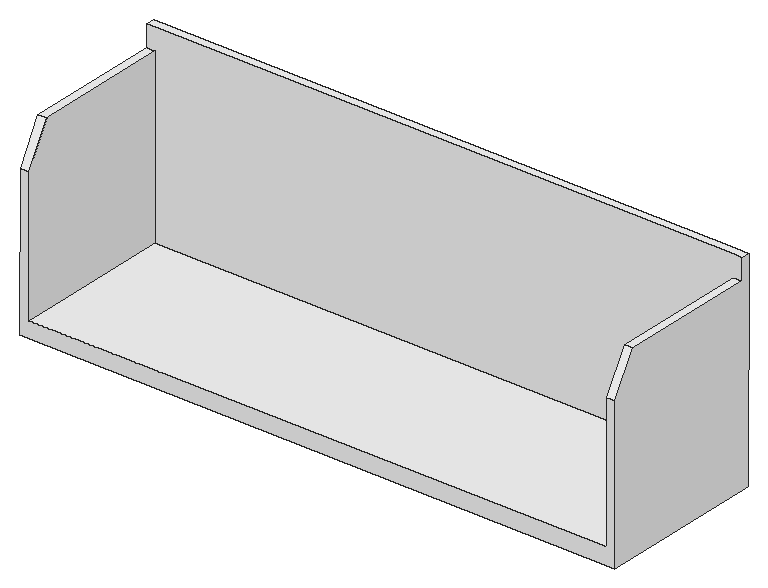
Revit family "Specialty_Equipment-Metal_Raceway-Hubbell_Wiring-Blank_End_Fitting-HBL4710B", category Specialty Equipment, host Face, Revit 2015
Parameters
  URL = "http://www.hubbell-wiring.com/"
  Product data url = "https://bimobject.com/hubbellwiring/product/hubbell-metal-raceway-hbl4750"
  Product Page URL = "http://ecatalog.hubbell-wiring.com/ProductInformation/ViewCatalog.aspx?Dest=hubbell-wiring.com/press/catalog/o.pdf&Page=21"
  Product Documentation Link = "http://www.hubbell-wiring.com/press/pdfs/h5233r08.pdf"
  Model = "HBL4710BIV"
  Manufacturer = "Hubbell-Wiring"  # constant formula
  Host Note = "Add in Section View; Host to Wall"  # constant formula
  Description = "Blank End Fitting"  # constant formula
  Default Elevation = 0' - 0"
  Cable Tray Material = Metal-Hubbell-Ivory Powder Coat
  Assembly Code = "D5090900"
Types (3): name | Model | Cable Tray Material
  (no name) | "HBL4710BIV" | Metal-Hubbell-Ivory Powder Coat
  HBL4710BGY - Gray | "HBL4710BGY" | Metal-Hubbell-Gray Powder Coat
  HBL4710BIV - Ivory | "HBL4710BIV" | Metal-Hubbell-Ivory Powder Coat
Reference planes (in)
  plane 1 "Outside": y = 0
  plane 2 "Wall": z = 0
  plane 3 "Left": x = 0.08
  plane 4 "Top of Channel": z = 1.61464
  plane 5 "Right": x = 4.67
  plane 6 "Center": x = 2.375
  plane 7: x = 1.1875
  plane 8: x = 3.5625
  plane 9 "Edge of Top": y = -0.0625
  plane 10: x = 0.1425
  plane 11: x = 4.6075
  plane 12 "Edge Of Base": y = -1.34715
  plane 13: z = 0.125
  plane 14: z = 0.90038
  plane 15: z = 1.40038
  plane 16: x = 3.5625
  plane 17: x = 1.1875
  plane 18: z = 1.44937
  plane 19: z = 1.6208
Forms (in)
  Extrusion 1, solid, material "Metal-Hubbell-Ivory Powder Coat" <- "Cable Tray Material"
    sketch origin (0, 0, -0.0625) x (1, 0, 0) y (0, 0, 1)
      loop
        arc (0.6875, 0.96288) -> (0.83395, 0.60932) -> (1.1875, 0.46288) r 0.5
        arc (1.1875, 0.46288) -> (1.54105, 0.60932) -> (1.6875, 0.96288) r 0.5
        arc (1.6875, 0.96288) -> (1.54105, 1.31643) -> (1.1875, 1.46288) r 0.5
        arc (1.1875, 1.46288) -> (0.83395, 1.31643) -> (0.6875, 0.96288) r 0.5
    from 0 to 0.0625
  Extrusion 2, solid, material "Metal-Hubbell-Ivory Powder Coat" <- "Cable Tray Material"
    sketch origin (0.08, 0, 0) x (0, 1, 0) y (0, 0, 1)
      loop
        line (-0.0625, 1.61464) -> (-0.12549, 1.61464) -> (-0.12549, 0) -> (-0.0625, 0) -> (-0.0625, 1.61464)
    from 0 to 4.59
  Extrusion 3, solid, material "Metal-Hubbell-Ivory Powder Coat" <- "Cable Tray Material"
    sketch origin (0.08, 0, 0) x (0, 1, 0) y (0, 0, 1)
      loop
        line (-0.12549, 1.44937) -> (-1.17415, 1.44937) -> (-1.34715, 1.14973) -> (-1.34715, 0) -> (-0.0625, 0) -> (-0.0625, 1.6208) -> (-0.12549, 1.6208) -> (-0.12549, 1.44937)
    from 0 to 0.0625
  Extrusion 4, solid, material "Metal-Hubbell-Ivory Powder Coat" <- "Cable Tray Material"
    sketch origin (0, 0, 0) x (1, 0, 0) y (0, 1, 0)
      loop
        line (0.1425, -0.12549) -> (0.1425, -1.34715) -> (4.6075, -1.34715) -> (4.6075, -0.12549) -> (0.1425, -0.12549)
    from 0 to 0.125
  Extrusion 5, solid, material "Metal-Hubbell-Ivory Powder Coat" <- "Cable Tray Material"
    sketch origin (4.75, 0, -0.0625) x (-1, 0, 0) y (0, 0, -1)
      loop
        arc (1.1875, -1.46288) -> (1.54105, -1.31643) -> (1.6875, -0.96288) r 0.5
        arc (1.6875, -0.96288) -> (1.54105, -0.60932) -> (1.1875, -0.46288) r 0.5
        arc (1.1875, -0.46288) -> (0.83395, -0.60932) -> (0.6875, -0.96288) r 0.5
        arc (0.6875, -0.96288) -> (0.83395, -1.31643) -> (1.1875, -1.46288) r 0.5
    from 0 to 0.0625
  Extrusion 6, solid, material "Metal-Hubbell-Ivory Powder Coat" <- "Cable Tray Material"
    sketch origin (4.67, 0, 0.00781) x (0, 1, 0) y (0, 0, -1)
      loop
        line (-0.12549, -1.44156) -> (-0.12549, -1.61298) -> (-0.0625, -1.61298) -> (-0.0625, 0.00781) -> (-1.34715, 0.00781) -> (-1.34715, -1.14973) -> (-1.17415, -1.44156) -> (-0.12549, -1.44156)
    from 0 to 0.0625
Cuts and joins
  joined: Extrusion 1, Extrusion 2, Extrusion 3, Extrusion 4, Extrusion 5, Extrusion 6
Lines and regions (in)
  Masking region 1
    outline origin (0.08, 0, 0) x (0, 1, 0) y (0, 0, 1)
      loop
        line (-1.17415, 1.44937) -> (-1.34715, 1.14973) -> (-1.34715, 0) -> (-0.0625, 0) -> (-0.0625, 0.40038) -> (0, 0.40038) -> (0, 1.40038) -> (-0.0625, 1.40038) -> (-0.0625, 1.61464) -> (-0.12549, 1.61464) -> (-0.12549, 1.44937) -> (-1.17415, 1.44937)
Dimensions and locks (in)
  plane 5 "Right" to plane 3 "Left" = 0' - 4.59"
  plane 4 "Top of Channel" to host face = 0' - 1.61464"
  locked: plane 9 "Edge of Top" to plane 1 "Outside" at 0.0625
  plane 3 "Left" to plane 10 = 0' - 0 1/16"
  equal spacing: plane 3 "Left", plane 6 "Center", plane 5 "Right", locked at 2.295 each
  plane 3 "Left" to plane 6 "Center" to plane 5 "Right" = 0' - 2.295" locked, 0' - 2.295" locked
  plane 4 "Top of Channel" to plane 13 to plane 2 "Wall" = 0' - 1.48964", 0' - 0 1/8"
  locked: plane 14 to plane 13 at 0.77538
  locked: plane 7 to plane 3 "Left" at 1.1075
  locked: plane 16 to plane 5 "Right" at 1.1075
  plane 12 "Edge Of Base" to plane 9 "Edge of Top" to plane 1 "Outside" = 0' - 1.28465" locked, 0' - 0 1/16" locked
  locked: plane 10 to plane 6 "Center" at 2.2325
  locked: plane 6 "Center" to plane 11 at 2.2325
  locked: cut or joined group of Extrusion 1, Extrusion 2, Extrusion 3, Extrusion 4, Extrusion 5, Extrusion 6 to host face at 1.44937  (x3)
  locked: plane 1 "Outside" to cut or joined group of Extrusion 1, Extrusion 2, Extrusion 3, Extrusion 4, Extrusion 5, Extrusion 6 at 0.12549
  locked: plane 15 to plane 18 at 0.04899
  locked: plane 4 "Top of Channel" to plane 19 at 0.00615
  aligned and locked: plane 2 "Wall" to host face
  aligned and locked: level to host face
  aligned and locked: Extrusion 1 to plane 1 "Outside"
  aligned and locked: Extrusion 1 to plane 9 "Edge of Top"
  aligned and locked: plane 5 "Right" to Extrusion 2
  aligned and locked: Extrusion 3 to plane 3 "Left"
  aligned and locked: plane 10 to Extrusion 3
  aligned and locked: plane 9 "Edge of Top" to Extrusion 3
  aligned and locked: Extrusion 3 to plane 12 "Edge Of Base"
  aligned and locked: Extrusion 3 to Extrusion 4 sketch curve  (x2)
  aligned and locked: Extrusion 4 to plane 2 "Wall"
  aligned and locked: plane 13 to Extrusion 4
  aligned and locked: plane 14 to Extrusion 1 sketch curve
  aligned and locked: plane 15 to Extrusion 1 sketch curve
  aligned and locked: plane 16 to Extrusion 5 sketch curve
  aligned and locked: plane 14 to Extrusion 5 sketch curve
  aligned and locked: plane 9 "Edge of Top" to cut or joined group of Extrusion 1, Extrusion 2, Extrusion 3, Extrusion 4, Extrusion 5, Extrusion 6
  aligned and locked: Extrusion 2 to level
  aligned and locked: Extrusion 2 to plane 4 "Top of Channel"
  aligned and locked: Extrusion 2 to plane 3 "Left"
  aligned and locked: cut or joined group of Extrusion 1, Extrusion 2, Extrusion 3, Extrusion 4, Extrusion 5, Extrusion 6 to plane 4 "Top of Channel"
  aligned and locked: host face to cut or joined group of Extrusion 1, Extrusion 2, Extrusion 3, Extrusion 4, Extrusion 5, Extrusion 6
  aligned and locked: plane 9 "Edge of Top" to Extrusion 6
  aligned and locked: Extrusion 6 to host face
  aligned and locked: cut or joined group of Extrusion 1, Extrusion 2, Extrusion 3, Extrusion 4, Extrusion 5, Extrusion 6 to host face
  aligned and locked: cut or joined group of Extrusion 1, Extrusion 2, Extrusion 3, Extrusion 4, Extrusion 5, Extrusion 6 to plane 18
  aligned and locked: plane 18 to Extrusion 6 sketch curve
  aligned and locked: plane 19 to Extrusion 6
  aligned and locked: Masking region 1 sketch curve to cut or joined group of Extrusion 1, Extrusion 2, Extrusion 3, Extrusion 4, Extrusion 5, Extrusion 6  (x8)
  aligned and locked: plane 15 to Masking region 1 sketch curve
  aligned and locked: Masking region 1 sketch curve to Masking region 1 sketch curve
Automatic sketch dimensions
  host sketch curve to host sketch curve = 9' - 0.90308"
  host sketch curve to host sketch curve = 8' - 0"
  Extrusion 1 sketch curve to Extrusion 1 sketch curve = 0' - 0"  (x7)
  Extrusion 1 sketch curve to plane 7 = 0' - 0"
  plane 4 "Top of Channel" to Extrusion 2 sketch curve = 0' - 0"
  Extrusion 2 sketch curve to level = 0' - 0"
  Extrusion 2 sketch curve to plane 9 "Edge of Top" = 0' - 0"
  Extrusion 2 sketch curve to plane 9 "Edge of Top" = 0' - 0.06299"
  level to Extrusion 3 sketch curve = 0' - 0"
  Extrusion 3 sketch curve to plane 12 "Edge Of Base" = 0' - 0"
  Extrusion 3 sketch curve to plane 9 "Edge of Top" = 0' - 0"
  Extrusion 3 sketch curve to plane 15 = 0' - 0.04899"
  plane 12 "Edge Of Base" to Extrusion 3 sketch curve = 0' - 0.173"
  Extrusion 3 sketch curve to plane 9 "Edge of Top" = 0' - 0.06299"
  plane 14 to Extrusion 3 sketch curve = 0' - 0.24935"
  Extrusion 3 sketch curve to plane 4 "Top of Channel" = 0' - 0.00615"
  Extrusion 4 sketch curve to plane 11 = 0' - 0"
  Extrusion 4 sketch curve to plane 12 "Edge Of Base" = 0' - 0"
  Extrusion 5 sketch curve to Extrusion 5 sketch curve = 0' - 0"
  Extrusion 5 sketch curve to plane 15 = 0' - 0"
  level to Extrusion 6 sketch curve = 0' - 0"
  Extrusion 6 sketch curve to plane 12 "Edge Of Base" = 0' - 0"
  Extrusion 6 sketch curve to plane 9 "Edge of Top" = 0' - 0"
  plane 12 "Edge Of Base" to Extrusion 6 sketch curve = 0' - 0.173"
  Extrusion 6 sketch curve to plane 9 "Edge of Top" = 0' - 0.06299"
  Extrusion 6 sketch curve to plane 4 "Top of Channel" = 0' - 0.00615"
  plane 14 to Extrusion 6 sketch curve = 0' - 0.25716"
  plane 13 to Masking region 1 sketch curve = 0' - 0.27538"
